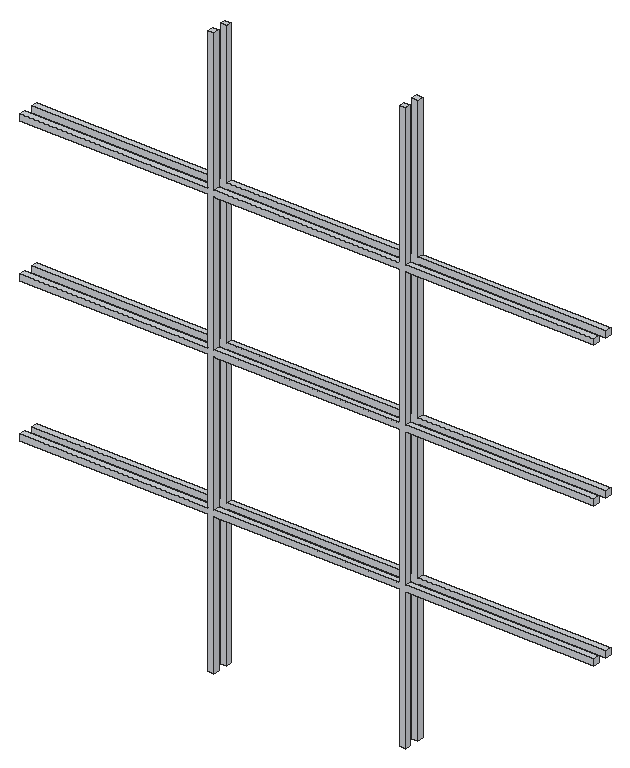
Revit family "M_Padrão do montante_3x4", category Modelos genéricos, Revit 2019
Family settings
  Pode hospedar o vergalhão = Não
  Cota do conector redondo = Utilizar diâmetro
  Tipo de parte = Normal
  Com base no plano de trabalho = Não
  Sempre na vertical = Sim
  Corte com vazios quando carregada = Não
  Compartilhado = Sim
  Ponto de cálculo do ambiente = Não
Parameters
  Largura [instance] = 1200 mm
  Espessura = 12.7 mm
  Altura [instance] = 1200 mm
  Material interior [instance] = none
  Material externo [instance] = none
  Distância = 19.05 mm
Reference planes
  plane 1 "Centro (Frente/Trás)": y = 0
  plane 2: z = 0
  plane 3 "Centro (Esquerda/Direita)": x = 0
  plane 4: z = 1200
  plane 5: x = -600
  plane 6: x = 600
  plane 7: z = 600
  plane 8 "a": y = 9.525
  plane 9 "b": y = -9.525
  plane 10: z = 900
  plane 11: z = 300
  plane 12: x = -200
  plane 13: x = 200
  plane 14: z = 906.35
  plane 15: z = 893.65
  plane 16: z = 306.35
  plane 17: z = 293.65
  plane 18: x = -206.35
  plane 19: x = -193.65
  plane 20: x = 193.65
  plane 21: x = 206.35
  plane 22: y = 22.225
  plane 23: y = -22.225
  plane 24: z = 606.35
  plane 25: z = 593.65
Forms (mm)
  Extrusion 1, solid, material <- "Material externo", detail levels fine
    sketch origin (0, 9.525, 0) x (-1, 0, 0) y (0, 0, 1)
      loop
        line (600, 906.35) -> (206.35, 906.35) -> (206.35, 1200) -> (193.65, 1200) -> (193.65, 906.35) -> (-193.65, 906.35) -> (-193.65, 1200) -> (-206.35, 1200) -> (-206.35, 906.35) -> (-600, 906.35) -> (-600, 893.65) -> (-206.35, 893.65) -> (-206.35, 606.35) -> (-600, 606.35) -> (-600, 593.65) -> (-206.35, 593.65) -> (-206.35, 306.35) -> (-600, 306.35) -> (-600, 293.65) -> (-206.35, 293.65) -> (-206.35, 0) -> (-193.65, 0) -> (-193.65, 293.65) -> (193.65, 293.65) -> (193.65, 0) -> (206.35, 0) -> (206.35, 293.65) -> (600, 293.65) -> (600, 306.35) -> (206.35, 306.35) -> (206.35, 593.65) -> (600, 593.65) -> (600, 606.35) -> (206.35, 606.35) -> (206.35, 893.65) -> (600, 893.65) -> (600, 906.35)
      loop
        line (193.65, 893.65) -> (-193.65, 893.65) -> (-193.65, 606.35) -> (193.65, 606.35) -> (193.65, 893.65)
      loop
        line (193.65, 306.35) -> (193.65, 593.65) -> (-193.65, 593.65) -> (-193.65, 306.35) -> (193.65, 306.35)
    from 0 to 12.7
  Extrusion 2, solid, material <- "Material interior", detail levels fine
    sketch origin (0, -9.525, 0) x (-1, 0, 0) y (0, 0, 1)
      loop
        line (600, 906.35) -> (206.35, 906.35) -> (206.35, 1200) -> (193.65, 1200) -> (193.65, 906.35) -> (-193.65, 906.35) -> (-193.65, 1200) -> (-206.35, 1200) -> (-206.35, 906.35) -> (-600, 906.35) -> (-600, 893.65) -> (-206.35, 893.65) -> (-206.35, 606.35) -> (-600, 606.35) -> (-600, 593.65) -> (-206.35, 593.65) -> (-206.35, 306.35) -> (-600, 306.35) -> (-600, 293.65) -> (-206.35, 293.65) -> (-206.35, 0) -> (-193.65, 0) -> (-193.65, 293.65) -> (193.65, 293.65) -> (193.65, 0) -> (206.35, 0) -> (206.35, 293.65) -> (600, 293.65) -> (600, 306.35) -> (206.35, 306.35) -> (206.35, 593.65) -> (600, 593.65) -> (600, 606.35) -> (206.35, 606.35) -> (206.35, 893.65) -> (600, 893.65) -> (600, 906.35)
      loop
        line (193.65, 893.65) -> (-193.65, 893.65) -> (-193.65, 606.35) -> (193.65, 606.35) -> (193.65, 893.65)
      loop
        line (193.65, 306.35) -> (193.65, 593.65) -> (-193.65, 593.65) -> (-193.65, 306.35) -> (193.65, 306.35)
    from 0 to -12.7
Lines and regions (mm)
  model lines, detail levels medium
    curve 1: line (-200, 9.525, 1200) -> (-200, 9.525, 0)
    curve 2: line (200, 9.525, 1200) -> (200, 9.525, 0)
    curve 3: line (-600, 9.525, 900) -> (600, 9.525, 900)
    curve 4: line (-600, 9.525, 600) -> (600, 9.525, 600)
    curve 5: line (-600, 9.525, 300) -> (600, 9.525, 300)
    curve 6: line (-200, -9.525, 1200) -> (-200, -9.525, 0)
    curve 7: line (200, -9.525, 1200) -> (200, -9.525, 0)
    curve 8: line (-600, -9.525, 900) -> (600, -9.525, 900)
    curve 9: line (-600, -9.525, 600) -> (600, -9.525, 600)
    curve 10: line (-600, -9.525, 300) -> (600, -9.525, 300)
Dimensions and locks
  equal spacing: plane 6, plane 3 "Centro (Esquerda/Direita)", plane 5
  "Largura": plane 6 to plane 5
  "Altura": plane 4 to plane 2
  equal spacing: plane 8 "a", plane 1 "Centro (Frente/Trás)", plane 9 "b"
  "Distância": plane 8 "a" to plane 9 "b"
  plane 16 to plane 11 to plane 17 = 6.35 mm locked, 6.35 mm locked
  locked: plane 14 to plane 10 at 6.35
  locked: plane 10 to plane 15 at 6.35
  plane 19 to plane 12 to plane 18 = 6.35 mm locked, 6.35 mm locked
  plane 21 to plane 13 to plane 20 = 6.35 mm locked, 6.35 mm locked
  equal spacing: plane 6, plane 13, plane 12, plane 5
  "Espessura": plane 22 to plane 8 "a"
  "Espessura": plane 9 "b" to plane 23
  locked: plane 24 to plane 7 at 6.35
  locked: plane 7 to plane 25 at 6.35
  equal spacing: plane 4, plane 10, plane 7, plane 11, plane 2
  aligned and locked: plane 2 to level
  aligned and locked: plane 4 to curve 2
  aligned and locked: plane 4 to curve 1
  aligned and locked: plane 5 to curve 3
  aligned and locked: plane 5 to curve 4
  aligned and locked: plane 5 to curve 5
  aligned and locked: plane 2 to curve 1
  aligned and locked: plane 2 to curve 2
  aligned and locked: plane 6 to curve 5
  aligned and locked: plane 6 to curve 4
  aligned and locked: plane 6 to curve 3
  aligned and locked: plane 10 to curve 3
  aligned and locked: plane 11 to curve 5
  aligned and locked: plane 12 to curve 1
  aligned and locked: plane 13 to curve 2
  aligned and locked: plane 14 to Extrusion 1 sketch curve  (x2)
  aligned and locked: plane 18 to Extrusion 1 sketch curve  (x2)
  aligned and locked: plane 5 to Extrusion 1 sketch curve  (x3)
  aligned and locked: plane 15 to Extrusion 1 sketch curve  (x2)
  aligned and locked: plane 16 to Extrusion 1 sketch curve  (x3)
  aligned and locked: plane 17 to Extrusion 1 sketch curve  (x2)
  aligned and locked: plane 4 to Extrusion 1 sketch curve
  aligned and locked: plane 19 to Extrusion 1 sketch curve
  aligned and locked: plane 20 to Extrusion 1 sketch curve  (x3)
  aligned and locked: plane 21 to Extrusion 1 sketch curve  (x3)
  aligned and locked: plane 6 to Extrusion 1 sketch curve  (x3)
  aligned and locked: level to Extrusion 1 sketch curve  (x2)
  aligned and locked: Extrusion 1 sketch curve to plane 24
  aligned and locked: Extrusion 1 sketch curve to plane 25
  aligned and locked: plane 24 to Extrusion 1 sketch curve
  aligned and locked: plane 25 to Extrusion 1 sketch curve
  aligned and locked: Extrusion 1 to plane 22
  aligned and locked: Extrusion 2 to plane 23
Automatic sketch dimensions
  curve 4 to plane 7 = 0 mm
  Extrusion 1 sketch curve to plane 21 = 0 mm
  Extrusion 1 sketch curve to plane 20 = 0 mm
  Extrusion 1 sketch curve to plane 19 = 0 mm  (x3)
  Extrusion 1 sketch curve to plane 17 = 0 mm
  Extrusion 1 sketch curve to plane 18 = 0 mm  (x2)
  Extrusion 1 sketch curve to plane 25 = 0 mm
  Extrusion 1 sketch curve to plane 24 = 0 mm
  Extrusion 1 sketch curve to plane 15 = 0 mm
  Extrusion 1 sketch curve to plane 14 = 0 mm
  Extrusion 1 sketch curve to plane 4 = 0 mm
  Extrusion 2 sketch curve to plane 6 = 0 mm  (x3)
  Extrusion 2 sketch curve to plane 17 = 0 mm  (x3)
  Extrusion 2 sketch curve to plane 21 = 0 mm  (x4)
  Extrusion 2 sketch curve to plane 16 = 0 mm  (x3)
  Extrusion 2 sketch curve to plane 4 = 0 mm  (x2)
  Extrusion 2 sketch curve to plane 20 = 0 mm  (x4)
  Extrusion 2 sketch curve to plane 14 = 0 mm  (x3)
  Extrusion 2 sketch curve to plane 15 = 0 mm  (x3)
  Extrusion 2 sketch curve to plane 19 = 0 mm  (x4)
  Extrusion 2 sketch curve to plane 18 = 0 mm  (x4)
  Extrusion 2 sketch curve to level = 0 mm  (x2)
  Extrusion 2 sketch curve to plane 5 = 0 mm  (x3)
  Extrusion 2 sketch curve to plane 25 = 0 mm  (x3)
  Extrusion 2 sketch curve to plane 24 = 0 mm  (x3)
  curve 8 to plane 6 = 0 mm
  curve 9 to plane 6 = 0 mm
  curve 10 to plane 6 = 0 mm
  curve 7 to plane 4 = 0 mm
  curve 7 to plane 13 = 0 mm
  curve 6 to level = 0 mm
  curve 6 to plane 12 = 0 mm
  curve 10 to plane 5 = 0 mm
  curve 9 to plane 5 = 0 mm
  curve 8 to plane 5 = 0 mm
  curve 7 to level = 0 mm
  curve 10 to plane 11 = 0 mm
  curve 9 to plane 7 = 0 mm
  curve 8 to plane 10 = 0 mm
  curve 6 to plane 4 = 0 mm
